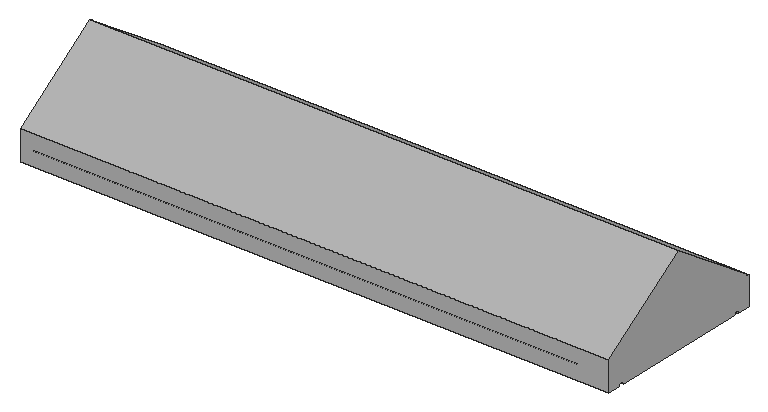
Revit family "WC518 Saddle Back", category Generic Models, Revit 2020
Family settings
  Can host rebar = No
  Round Connector Dimension = Use Diameter
  Part Type = Normal
  Work Plane-Based = No
  Always vertical = Yes
  Cut with Voids When Loaded = No
  Shared = No
  Room Calculation Point = No
Parameters
  Weight = "71Kg"
  Warranty Guarantor Parts = "n/a"
  Warranty Guarantor Labour = "n/a"
  Warranty Duration Unit = "n/a"
  Warranty Duration Parts = "n/a"
  Warranty Duration Labour = "n/a"
  Warranty Description = "n/a"
  Unit Width [instance] = 295 mm
  Unit Length [instance] = 1000 mm
  Unit Height [instance] = 150 mm
  URL = "www.killeshal.com"
  Types = "Single"
  Type Comments = "Visit our website for a full list of available products."
  Sustainability Performance = "n/a"
  Structural Class = "n/a"
  Span = "Unit Length"
  Slope = "0.00°"
  Size = "295mm x 150 to 50mm"
  Shape = "As per drawing"
  Service Life = "0.000000"
  Serial Number = "n/a"
  Resistance to Fire = "n/a"
  Replacement Cost = "n/a"
  Reference = "n/a"
  Notified Body = "n/a"
  Nominal Cover to Main Bar = "n/a"
  Model = "W/C 518 Wall Cap."
  Mechanical Resistance = "n/a"
  Manufacturer = "Killeshal Precast Concrete Ltd."
  Load Bearing = no
  Life Cycle Environmental Load = "n/a"
  Length Options = "Stock size 1000mm."
  Keynote = "The information contained is the sole property of KPC Ltd., any reproduction in part or whole without permission of KPC Ltd. is prohibited."
  Environmental Product Declaration = "n/a"
  Environmental Class = "n/a"
  Durability against Corrosion = "n/a"
  Dimension Accuracy Class = "n/a"
  Detailing = "As per design specification and product drawings."
  Description = "Saddle Back Wall Cap"
  Default Elevation = 0 mm
  Dangerous Substances = "n/a"
  Contact Tel = "0035357 9353018"
  Contact Email = "sales@killeshal.com"
  Construction Type = "Precast"
  Construction Tolerance Class = "n/a"
  Compressive Strength of Concrete = "n/a"
  Characteristics of Reinforcing Steel = "n/a"
  Characteristics Deflection Under Load = "n/a"
Reference planes
  plane 1 "Center (Front/Back)": y = 0
  plane 2: z = 0
  plane 3 "Center (Left/Right)": x = 0
  plane 4 "Rear": y = 147.5
  plane 5 "Front": y = -147.5
  plane 6 "Top": z = 150
  plane 7 "Center L/T": z = 50
  plane 8 "Center L/Y": y = 122.5
  plane 9 "Center L/Z": y = -122.5
Forms (mm)
  Extrusion 1, solid, material "Precast Concrete (KPC)"
    sketch origin (0, 0, 0) x (0, 1, 0) y (0, 0, 1)
      loop
        line (-147.5, 50) -> (-147.5, 0) -> (-127.5, 0)
        arc (-127.5, 0) -> (-122.5, 5) -> (-117.5, 0) r 5
        line (-117.5, 0) -> (117.5, 0)
        arc (117.5, 0) -> (122.5, 5) -> (127.5, 0) r 5
        line (127.5, 0) -> (147.5, 0) -> (147.5, 50) -> (0, 150) -> (-147.5, 50)
    from 0 to 1000
Dimensions and locks
  "Unit Length": Extrusion 1 to Extrusion 1
  "Unit Width": Extrusion 1 to Extrusion 1
  plane 7 "Center L/T" to level = 50 mm
  "Unit Height": plane 6 "Top" to Extrusion 1
  aligned and locked: level to plane 2
Automatic sketch dimensions
  Extrusion 1 sketch curve to plane 5 "Front" = 0 mm
  Extrusion 1 sketch curve to level = 0 mm
  Extrusion 1 sketch curve to plane 9 "Center L/Z" = 0 mm
  Extrusion 1 sketch curve to plane 1 "Center (Front/Back)" = 0 mm
  Extrusion 1 sketch curve to plane 8 "Center L/Y" = 0 mm
  Extrusion 1 sketch curve to plane 4 "Rear" = 0 mm
  Extrusion 1 sketch curve to plane 7 "Center L/T" = 0 mm  (x2)
  Extrusion 1 sketch curve to plane 6 "Top" = 0 mm
  Extrusion 1 sketch curve to Extrusion 1 sketch curve = 5 mm  (x2)
